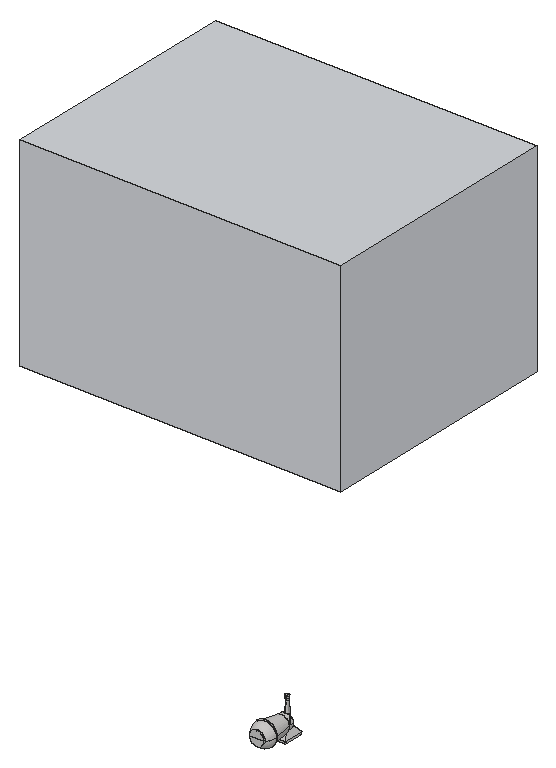
Revit family
Parameters
  Body Material = Metal - Stainless Steel
  Trim Material = Metal - Stainless Steel
  Warranty Duration (Years) = 0
  URL = "http://www.americanspecialties.com/viewCategories.cfm"
  Test Data = ""
  Specification = "http://www.arcat.com/sdspecs/htm/10810asi.htm"
  SpecWizard = ""
  Send Message = "http://www.arcat.com/users.pl?action=UserEmail&company=American%20Specialties,%20Inc.&coid=30448&rep=139&fax=914-476-0688&mf="
  Sales Information = "http://www.americanspecialties.com/contact"
  Revision = "R1_10-2010"
  Product Properties = "http://www.americanspecialties.com/datasheets/0350.pdf"
  Product Data = "http://www.arcat.com/arcatcos/cos30/arc30448.html"
  Model = "As Specified in 10 28 13"
  Manufacturer Website = "http://www.americanspecialties.com/viewCategories.cfm"
  Manufacturer Phone - Toll Free = ""
  Manufacturer Phone = "914-476-9000 "
  Manufacturer Fax = "914-476-0688"
  Manufacturer Address = "441 Saw Mill River Rd., Yonkers, NY 10701"
  Manufacturer = "American Specialties, Inc."
  Maintenance Schedule (Months) = 0
  Keynote = "10 28 13"
  Installation-Fabrication = "http://www.americanspecialties.com/products.cfm"
  Green Building-LEED = ""
  Expected Lifespan (Years) = 0
  Drawn By = "Robert S. Weygant. CSI, CDT, SCIP"  # constant formula
  Description = "Toilet Accessory as Specified in 10 28 13"
  Default Elevation = 4' - 0"
  Copyright = "©Arcat Inc."
  Construction Details = "http://www.arcat.com/green/clients/leed_data_30448.html"
  Building Codes = "http://www.americanspecialties.com/products.cfm"
  Assembly Code = "C1030210"
Reference planes (in)
  plane 1 "Center (Front/Back)": y = -0.29112
  plane 2 "Floor Line": z = 0
  plane 3 "Center (Left/Right)": x = -0.65843
  plane 4: x = -2.34593
  plane 5: x = 1.02907
  plane 6: y = 2.95888
  plane 7: y = -3.54112
  plane 8: z = 5.125
Forms (in)
  Extrusion 1, solid
    sketch origin (-3.65843, -8.46186, -6) x (0, 0, -1) y (1, 0, 0)
      loop
        line (-82, 26) -> (-82, -19.34712) -> (-53.38025, -19.34712) -> (-53.38025, 26) -> (-82, 26)
    from 9 to -25.60721
  Revolve 2, solid, material "Metal - Stainless Steel" <- "Body Material"
    sketch origin (0, 0, 1.9257) x (1, 0, 0) y (0, 1, 0)
      loop
        arc (-2.27247, -2.00823) -> (-2.34569, -2.06426) -> (-2.28343, -2.13226) r 0.0625
        arc (-2.28343, -2.13226) -> (-2.12702, -2.85017) -> (-1.65843, -3.41612) r 1.55493
        line (-1.65843, -3.41612) -> (-1.65843, -3.54112) -> (-0.65843, -3.54112) -> (-0.65843, 0.91832) -> (-1.61513, 0.91832)
        arc (-1.61513, 0.91832) -> (-1.68417, 0.799) -> (-1.78848, 0.70888) r 0.41498
        line (-1.78848, 0.70888) -> (-2.27247, -2.00823)
      axis (-0.65843, 0.91832) -> (-0.65843, -3.54112)
    angle from 0 to 360
  Revolve 3, solid, material "Metal - Stainless Steel" <- "Trim Material"
    sketch origin (0, 0, 1.9257) x (1, 0, 0) y (0, 1, 0)
      loop
        line (-0.65843, 0.91832) -> (-0.65843, 2.09856)
        arc (-0.65843, 2.09856) -> (-0.79138, 2.06028) -> (-0.88361, 1.95716) r 0.25
        arc (-0.88361, 1.95716) -> (-1.21521, 1.76047) -> (-1.59051, 1.6722) r 1.27155
        arc (-1.59051, 1.6722) -> (-1.65221, 1.64225) -> (-1.67721, 1.57838) r 0.09411
        line (-1.67721, 1.57838) -> (-1.67721, 0.91832) -> (-0.65843, 0.91832)
      axis (-0.65843, 2.09856) -> (-0.65843, 0.91832)
    angle from 0 to 360
  Extrusion 4, solid, material "Metal - Stainless Steel" <- "Trim Material"
    sketch origin (0, 0, 0) x (1, 0, 0) y (0, 1, 0)
      loop
        arc (-1.65843, 2.95888) -> (-1.74682, 2.92227) -> (-1.78343, 2.83388) r 0.125
        line (-1.78343, 2.83388) -> (-1.78343, 0.23678)
        arc (-1.78343, 0.23678) -> (-1.74682, 0.14839) -> (-1.65843, 0.11178) r 0.125
        line (-1.65843, 0.11178) -> (0.34157, 0.11178)
        arc (0.34157, 0.11178) -> (0.42995, 0.14839) -> (0.46657, 0.23678) r 0.125
        line (0.46657, 0.23678) -> (0.46657, 2.83388)
        arc (0.46657, 2.83388) -> (0.42995, 2.92227) -> (0.34157, 2.95888) r 0.125
        line (0.34157, 2.95888) -> (-1.65843, 2.95888)
    from 0 to 0.25
  Extrusion 5, solid, material "Metal - Stainless Steel" <- "Trim Material"
    sketch origin (-0.65843, 0, 0) x (0, 1, 0) y (0, 0, 1)
      loop
        line (2.95888, 0.25) -> (1.77535, 1.76486) -> (1.29532, 1.76486) -> (0.11178, 0.25) -> (2.95888, 0.25)
    from -1.125 to 1.125
  Extrusion 6, void
    sketch origin (0, -0.29112, 0) x (1, 0, 0) y (0, 0, 1)
      loop
        line (-1.78343, 0.25) -> (-1.10898, 1.76486) -> (-1.78343, 1.76486) -> (-1.78343, 0.25)
      loop
        line (0.46657, 0.25) -> (0.46657, 1.76486) -> (-0.20789, 1.76486) -> (0.46657, 0.25)
    from -3.25 to -0.4029
  Revolve 7, solid, material "Metal - Stainless Steel" <- "Trim Material"
    sketch origin (-0.65843, -0.40324, 0) x (0, 1, 0) y (0, 0, 1)
      loop
        line (2.21236, 0.70564) -> (2.6029, 0.70564) -> (2.40562, 4.47004) -> (2.35631, 4.47004) -> (2.35631, 4.79145) -> (2.39837, 4.79145) -> (2.39837, 5.0625) -> (2.46236, 5.0625) -> (2.46236, 5.125) -> (2.21236, 5.125) -> (2.21236, 0.70564)
      axis (2.21236, 0.70564) -> (2.21236, 5.125)
    angle from 0 to 360
  Extrusion 8, solid, material "Metal - Stainless Steel" <- "Trim Material"
    sketch origin (0, -0.29112, 0) x (1, 0, 0) y (0, 0, 1)
      loop
        circle (-0.65843, 4.93161) r 0.05965
    from -1.96959 to -1.81078
Cuts and joins
  Extrusion 6 cuts Extrusion 5
  joined: Revolve 3, Extrusion 5, Revolve 7, Extrusion 8
Dimensions and locks (in)
  aligned and locked: Revolve 2 sketch curve to plane 3 "Center (Left/Right)"
  aligned and locked: Revolve 3 sketch curve to plane 3 "Center (Left/Right)"
  aligned and locked: Extrusion 5 sketch curve to Extrusion 4
  aligned and locked: Extrusion 5 to Extrusion 4  (x2)
  aligned and locked: Extrusion 6 to plane 6
  aligned and locked: Extrusion 4 to Extrusion 6
  aligned and locked: Revolve 7 sketch curve to Revolve 7 sketch curve
